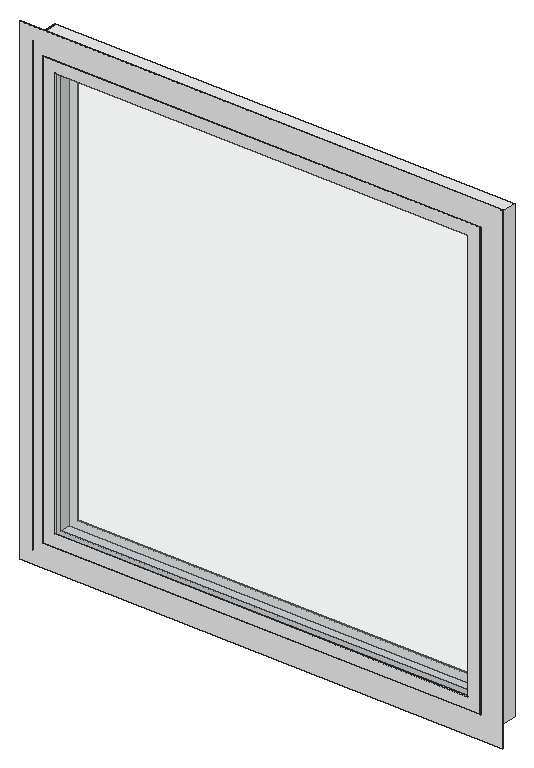
Revit family "Casement_34_B_Top_Hung_Custom", category Windows, host Wall, Revit 2014
Parameters (values of type "Casement_Sash_DG")
  Width Sash [instance] = 30 mm
  Width Sash Inner = 15 mm
  Width Bead = 15 mm
  Top Hung [instance] = yes
  Side Hung Right [instance] = yes
  Side Hung Left [instance] = yes
  Sash Opening Width [instance] = 600 mm
  Sash Opening Height [instance] = 600.312 mm
  Sash Lip = 15 mm
  Glazing Material [instance] = Glass
  DG Start Piece 2 [instance] = DG End Piece 1 + DG Gasket Thickness  # 25 mm
  DG Start Peice 1 [instance] = (Depth Sash - (2 * DG Glazing Thickness) - DG Gasket Thickness) / 2  # 6.6 mm
  Glazing Offset = 5 mm
  DG Glazing Thickness [instance] = 6.4 mm
  DG Gasket Thickness = 12 mm  # constant formula
  DG Gasket Material [instance] = none
  DG End Piece 2 [instance] = DG Start Piece 2 + DG Glazing Thickness  # 31.4 mm
  DG End Piece 1 [instance] = DG Start Peice 1 + DG Glazing Thickness  # 13 mm
  Depth Sash [instance] = 38 mm
  Center Vertical Sash [instance] = Sash Opening Height / 2  # 300.156 mm
  Center Horizontal Sash [instance] = Sash Opening Width / 2  # 300 mm
  Bottom Hung [instance] = yes
  Bead Offset = 15 mm
  Aluminium Thickness = 1 mm
  Aluminium Material [instance] = White Powder Coated Aluminium
Reference planes
  plane 1 "Center (Front/Back)": y = 0
  plane 2: z = 0
  plane 3 "Center (Left/Right)": x = 0
Forms (mm)
  Sweep 1, solid, material "White Powder Coated Aluminium" <- "Aluminium Material"
    path origin (16.177, 0, 121.331) x (1, 0, 0) y (0, 0, 1)
      loop
        line (0, 0) -> (600, 0) -> (600, 600.312) -> (0, 600.312) -> (0, 0)
    profile origin (316.177, 0, 121.331) x (0, 0, 1) y (0, -1, 0)
      loop
        line (0, 0) -> (30, 0) -> (30, 1) -> (15, 1) -> (15, 38) -> (-15, 38) -> (-15, 37) -> (0, 37) -> (0, 0)
      loop
        line (14, 1) -> (14, 37) -> (1, 37) -> (1, 1) -> (14, 1)
  Sweep 2, solid, material "White Powder Coated Aluminium" <- "Aluminium Material"
    path origin (0, 0, 0) x (1, 0, 0) y (0, 0, 1)
      loop
        line (31.177, 706.643) -> (31.177, 136.331) -> (601.177, 136.331) -> (601.177, 706.643) -> (31.177, 706.643)
    profile origin (316.177, 0, 706.643) x (0, 0, 1) y (0, -1, 0)
      loop
        line (0, 37) -> (0, 38) -> (-15, 38) -> (-15, 37) -> (0, 37)
  Extrusion 3, solid, material "Glass" <- "Glazing Material"
    sketch origin (0, 0, 0) x (1, 0, 0) y (0, 0, 1)
      loop
        line (36.177, 701.643) -> (36.177, 141.331) -> (596.177, 141.331) -> (596.177, 701.643) -> (36.177, 701.643)
    from 6.6 <- "DG Start Peice 1" to 13 <- "DG End Piece 1"
  Extrusion 4, solid, material "Glass" <- "Glazing Material"
    sketch origin (0, 0, 0) x (1, 0, 0) y (0, 0, 1)
      loop
        line (36.177, 701.643) -> (36.177, 141.331) -> (596.177, 141.331) -> (596.177, 701.643) -> (36.177, 701.643)
    from 31.4 <- "DG End Piece 2" to 25 <- "DG Start Piece 2"
  Sweep 5, solid, material <- "DG Gasket Material"
    path origin (0, -13, 0) x (1, 0, 0) y (0, 0, 1)
      loop
        line (36.177, 701.643) -> (36.177, 141.331) -> (596.177, 141.331) -> (596.177, 701.643) -> (36.177, 701.643)
    profile origin (316.177, -13, 701.643) x (0, 0, 1) y (0, -1, 0)
      loop
        line (0, 0) -> (0, 12) -> (-7.96, 12) -> (-7.96, 0) -> (0, 0)
Lines and regions (mm)
  model lines
    curve 1: line (1.177, -38, 736.643) -> (31.177, -38, 706.643)
    curve 2: line (601.177, -38, 706.643) -> (631.177, -38, 736.643)
    curve 3: line (601.177, -38, 136.331) -> (631.177, -38, 106.331)
    curve 4: line (1.177, -38, 106.331) -> (31.177, -38, 136.331)
    curve 5: line (631.177, -37, 736.643) -> (616.177, -37, 721.643)
    curve 6: line (1.177, -37, 736.643) -> (16.177, -37, 721.643)
    curve 7: line (1.177, -37, 106.331) -> (16.177, -37, 121.331)
    curve 8: line (631.177, -37, 106.331) -> (616.177, -37, 121.331)
    curve 9: line (616.177, 0, 121.331) -> (586.177, 0, 151.331)
    curve 10: line (46.177, 0, 151.331) -> (16.177, 0, 121.331)
    curve 11: line (616.177, 0, 721.643) -> (586.177, 0, 691.643)
    curve 12: line (46.177, 0, 691.643) -> (16.177, 0, 721.643)
    curve 13: line (31.177, -38, 691.643) -> (46.177, -38, 691.643)
    curve 14: line (586.177, -38, 691.643) -> (601.177, -38, 691.643)
    curve 15: line (586.177, -38, 151.331) -> (601.177, -38, 151.331)
    curve 16: line (31.177, -38, 151.331) -> (46.177, -38, 151.331)
  model lines, style "GenericModelHiddenLines", visible <- "Top Hung"
    curve 17: line (46.386, -31.4, 690.914) -> (316.177, -31.4, 151.331)
    curve 18: line (316.177, -31.4, 151.331) -> (586.177, -31.4, 691.331)
  model lines, style "GenericModelHiddenLines", visible <- "Bottom Hung"
    curve 19: line (46.177, -31.4, 151.331) -> (316.177, -31.4, 691.331)
    curve 20: line (316.177, -31.4, 691.331) -> (586.177, -31.4, 151.331)
  model lines, style "GenericModelHiddenLines", visible <- "Side Hung Left"
    curve 21: line (46.386, -31.4, 690.914) -> (585.24, -31.4, 421.487)
    curve 22: line (585.24, -31.4, 421.487) -> (46.177, -31.4, 151.331)
  model lines, style "GenericModelHiddenLines", visible <- "Side Hung Right"
    curve 23: line (586.177, -31.4, 691.331) -> (46.177, -31.4, 421.487)
    curve 24: line (46.177, -31.4, 421.487) -> (586.177, -31.4, 151.331)
Dimensions and locks
  "Aluminium Thickness": Sweep 1 sketch curve to Sweep 1 sketch curve  (x4)
  "Depth Sash": Sweep 1 sketch curve to Sweep 1 sketch curve
  "Sash Opening Width": Sweep 1 to Sweep 1
  "Sash Opening Height": Sweep 1 to Sweep 1
  "Width Sash": Sweep 1 sketch curve to Sweep 1 sketch curve  (x2)
  "Width Sash Inner": Sweep 1 sketch curve to Sweep 1 sketch curve
  "Sash Lip": Sweep 1 sketch curve to Sweep 1 sketch curve
  "Aluminium Thickness": Sweep 1 to Sweep 2 sketch curve
  "Glazing Offset": Sweep 2 to Extrusion 3 sketch curve  (x3)
  "Glazing Offset": Extrusion 3 sketch curve to Sweep 2
  Sweep 1 to Sweep 1 = 1 mm
  "Aluminium Thickness": Sweep 2 sketch curve to Sweep 2 sketch curve
  "Width Bead": Sweep 2 sketch curve to Sweep 2 sketch curve
  locked: Sweep 5 sketch curve to Sweep 5 sketch curve at 7.96
  "Center Horizontal Sash": Sweep 1 to curve 18
  "Center Horizontal Sash": Sweep 1 to curve 20
  "Center Vertical Sash": Sweep 1 to curve 22
  "Center Vertical Sash": Sweep 1 to curve 24
  aligned and locked: level to plane 2
  aligned and locked: Sweep 1 sketch curve to Sweep 1 sketch curve  (x2)
  aligned and locked: Sweep 2 sketch curve to Sweep 1  (x5)
  aligned and locked: Extrusion 4 sketch curve to Extrusion 3  (x4)
  aligned and locked: Sweep 5 sketch curve to Extrusion 3  (x5)
  aligned and locked: Extrusion 3 to Sweep 5 sketch curve
Automatic sketch dimensions
  plane 3 "Center (Left/Right)" to Sweep 1 sketch curve = 16.177 mm
  level to Sweep 1 sketch curve = 121.331 mm
  plane 3 "Center (Left/Right)" to Sweep 1 sketch curve = 616.177 mm
  level to Sweep 1 sketch curve = 721.643 mm
  profile plane to Sweep 5 sketch curve = 12 mm
  curve 7 to Sweep 1 = 0 mm  (x4)
  curve 6 to Sweep 1 = 0 mm  (x3)
  Sweep 1 to curve 6 = 0 mm
  curve 5 to Sweep 1 = 0 mm  (x3)
  curve 8 to Sweep 1 = 0 mm  (x4)
  Sweep 1 to curve 5 = 0 mm
  curve 16 to Sweep 2 = 0 mm  (x3)
  curve 13 to Sweep 2 = 0 mm  (x3)
  curve 15 to Sweep 2 = 0 mm
  Sweep 2 to curve 15 = 0 mm  (x2)
  curve 14 to Sweep 2 = 0 mm  (x2)
  Sweep 2 to curve 14 = 0 mm
  curve 1 to Sweep 1 = 0 mm  (x4)
  curve 4 to Sweep 1 = 0 mm  (x3)
  Sweep 1 to curve 4 = 0 mm
  curve 3 to Sweep 1 = 0 mm  (x3)
  curve 2 to Sweep 1 = 0 mm  (x4)
  Sweep 1 to curve 3 = 0 mm
  curve 10 to Sweep 1 = 0 mm  (x4)
  curve 12 to Sweep 1 = 0 mm  (x3)
  Sweep 1 to curve 12 = 0 mm
  curve 9 to Sweep 1 = 0 mm  (x4)
  curve 11 to Sweep 1 = 0 mm  (x3)
  Sweep 1 to curve 11 = 0 mm
  Sweep 1 sketch curve to plane 1 "Center (Front/Back)" = 0 mm
  profile plane to Sweep 1 sketch curve = 0 mm
  curve 21 to Extrusion 4 = 10.208 mm
  curve 19 to Extrusion 4 = 10 mm
  curve 23 to Extrusion 4 = 10 mm  (x2)
  curve 22 to Extrusion 4 = 10.937 mm
  curve 20 to Extrusion 4 = 10 mm
  curve 24 to Extrusion 4 = 10 mm
  curve 22 to Extrusion 4 = 10 mm
  curve 18 to Extrusion 4 = 10 mm
  curve 21 to Extrusion 4 = 10.729 mm
  curve 19 to Extrusion 4 = 10.312 mm
  curve 18 to Extrusion 4 = 10.312 mm
